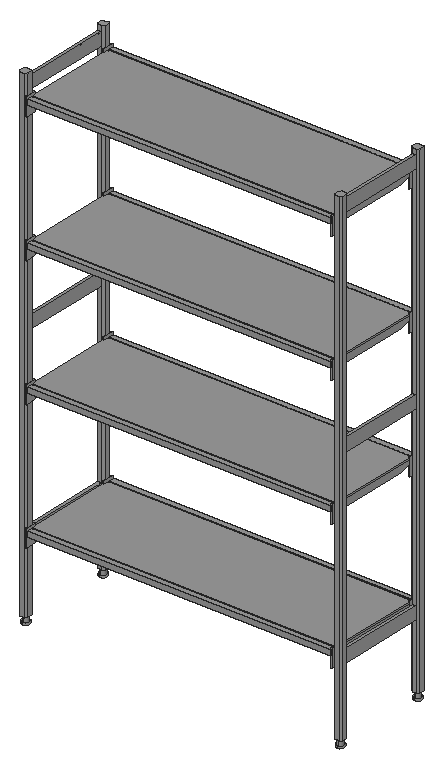
Revit family "QF_ELECTROLUXPROFESSIONAL_137014_ALS1126", category Attrezzature speciali, Revit 2020
Family settings
  Quota connettore circolare = Usa diametro
  Tipo di parte = Normale
  Basato su piano di lavoro = No
  Sempre verticale = Sì
  Taglio con vuoti quando caricato = No
  Condiviso = No
  Punto di calcolo locali = No
Parameters (values of type "Standard")
  Weight = 20.00 kg
  Watts = 0 W
  Volts = 0 V
  URL Manufacturer = "https://www.electroluxprofessional.com/"
  URL = "https://www.electroluxprofessional.com/"
  Steam Supply Size = 0 mm
  Steam Supply Minimum Pressure = 0.0 Pa
  Steam Supply Maximum Pressure = 0.0 Pa
  Steam Consumption per Hour = 0
  Refrigeration Suction Line Size = 0.0 mm
  Refrigeration Liquid Line Size = 0.0 mm
  Refrigerant Compressor Remote = yes
  Prospetto di default = 0.0 mm
  Phase = 0
  Modello = "ALS1126"
  Produttore = "Electrolux Professional"
  Length Actual = 1126.0 mm  # constant formula
  Item Number = "137014"
  Hot Water Size = 0 mm
  Height Actual = 1700.0 mm  # constant formula
  HP = "0 HP"
  Gas Size = 0 mm
  Gas KW = 0
  Gas Input Pressure = 0 W
  Direct Waste Size = 0 mm
  Descrizione = "ALUM.LINEAR SHELV.-POLY.TIERS-373X1126MM"
  Depth Actual = 373.0 mm  # constant formula
  Cycle = 0 Hz
  Condensate Return Size = 0 mm
  Compressed Air Volume = 0.0 L/s
  Compressed Air Size = 0 mm
  Compressed Air Pressure = 0.0 Pa
  Cold Water Size = 0 mm
  Accessory = yes
Reference planes
  plane 1: z = 0
  plane 2 "Center (Left/Right)": x = -31
  plane 3 "LEFT": x = -594
  plane 4 "RIGHT": x = 532
  plane 5 "BACK": y = 23
  plane 6 "FRONT": y = -350
  plane 7 "TOP": z = 1700
  plane 8: x = 527
  plane 9: x = -562
  plane 10: x = 500
  plane 11 "Center (Front/Back)": y = -163.5
  plane 12: x = 495
  plane 13: y = -8.5
  plane 14: y = -318.5
  plane 15 "FEET": z = 25
  plane 16: z = 275
  plane 17: z = 725
  plane 18: z = 1175
  plane 19: z = 1625
  plane 20 "CXLeft": x = -580
  plane 21 "CXRight": x = 518
  plane 22: y = 5.5
  plane 23 "CYBack": y = 5.5
  plane 24 "CYFront": y = -332.5
Forms (mm)
  Extrusion 1, solid, material "QF_Aluminum"
    sketch origin (-594, 0, 0) x (0, 1, 0) y (0, 0, 1)
      loop
        line (4, 1650.994) -> (4, 1632.998) -> (23, 1632.998) -> (23, 1650.994) -> (4, 1650.994)
      loop
        line (-331, 1650.994) -> (-350, 1650.994) -> (-350, 1632.998) -> (-331, 1632.998) -> (-331, 1650.994)
      loop
        line (4, 1200.994) -> (4, 1182.998) -> (23, 1182.998) -> (23, 1200.994) -> (4, 1200.994)
      loop
        line (-331, 1200.994) -> (-350, 1200.994) -> (-350, 1182.998) -> (-331, 1182.998) -> (-331, 1200.994)
      loop
        line (4, 750.994) -> (4, 732.998) -> (23, 732.998) -> (23, 750.994) -> (4, 750.994)
      loop
        line (-331, 750.994) -> (-350, 750.994) -> (-350, 732.998) -> (-331, 732.998) -> (-331, 750.994)
      loop
        line (4, 300.994) -> (4, 282.998) -> (23, 282.998) -> (23, 300.994) -> (4, 300.994)
      loop
        line (-331, 300.994) -> (-350, 300.994) -> (-350, 282.998) -> (-331, 282.998) -> (-331, 300.994)
    from 32 to 1094
  Extrusion 2, solid, material "QF_Polyethylene"
    sketch origin (-594, 0, 0) x (0, 1, 0) y (0, 0, 1)
      loop
        line (2.007, 1650.994) -> (-329, 1650.994) -> (-329, 1644.496) -> (2.007, 1644.496) -> (2.007, 1650.994)
      loop
        line (2.007, 1200.994) -> (-329, 1200.994) -> (-329, 1194.496) -> (2.007, 1194.496) -> (2.007, 1200.994)
      loop
        line (2.007, 750.994) -> (-329, 750.994) -> (-329, 744.496) -> (2.007, 744.496) -> (2.007, 750.994)
      loop
        line (2.007, 300.994) -> (-329, 300.994) -> (-329, 294.496) -> (2.007, 294.496) -> (2.007, 300.994)
    from 32 to 1094
  Extrusion 3, solid, material "QF_Aluminum"
    sketch origin (532, 0, 0) x (0, 1, 0) y (0, 0, 1)
      loop
        line (-12, 1632.998) -> (4, 1632.998) -> (4, 1650.994) -> (2.007, 1650.994) -> (2.007, 1644.496) -> (-329, 1644.496) -> (-329, 1650.994) -> (-331, 1650.994) -> (-331, 1632.998) -> (-315, 1632.998) -> (-281, 1620.994) -> (-46, 1620.994) -> (-12, 1632.998)
      loop
        line (-12, 1182.998) -> (4, 1182.998) -> (4, 1200.994) -> (2.007, 1200.994) -> (2.007, 1194.496) -> (-329, 1194.496) -> (-329, 1200.994) -> (-331, 1200.994) -> (-331, 1182.998) -> (-315, 1182.998) -> (-281, 1170.994) -> (-46, 1170.994) -> (-12, 1182.998)
      loop
        line (-12, 732.998) -> (4, 732.998) -> (4, 750.994) -> (2.007, 750.994) -> (2.007, 744.496) -> (-329, 744.496) -> (-329, 750.994) -> (-331, 750.994) -> (-331, 732.998) -> (-315, 732.998) -> (-281, 720.994) -> (-46, 720.994) -> (-12, 732.998)
      loop
        line (-12, 282.998) -> (4, 282.998) -> (4, 300.994) -> (2.007, 300.994) -> (2.007, 294.496) -> (-329, 294.496) -> (-329, 300.994) -> (-331, 300.994) -> (-331, 282.998) -> (-315, 282.998) -> (-281, 270.994) -> (-46, 270.994) -> (-12, 282.998)
    from -32 to -37
Lines and regions (mm)
  symbolic lines
    curve 1: line (500, 4, 1700) -> (-562, 4, 1700)
    curve 2: line (-566, 23, 1700) -> (504, 23, 1700)
    curve 3: line (504, 13.246, 1700) -> (510.254, 19.5, 1700)
    curve 4: line (510.254, -8.5, 1700) -> (504, -2.246, 1700)
    curve 5: line (510.254, -318.5, 1700) -> (504, -324.754, 1700)
    curve 6: line (-566, -350, 1700) -> (504, -350, 1700)
    curve 7: line (504, 23, 1700) -> (504, -12.993, 1700)
    curve 8: line (504, -12.993, 1700) -> (500, -12.993, 1700)
    curve 9: line (504, -350, 1700) -> (504, -314.007, 1700)
    curve 10: line (504, -314.007, 1700) -> (500, -314.007, 1700)
    curve 11: line (-562, -12.993, 1700) -> (-562, -314.007, 1700)
    curve 12: line (-562, -331, 1700) -> (500, -331, 1700)
    curve 13: line (500, -12.993, 1700) -> (500, -314.007, 1700)
Dimensions and locks
  locked: plane 3 "LEFT" to plane 4 "RIGHT" at 1126
  equal spacing: plane 3 "LEFT", plane 2 "Center (Left/Right)", plane 4 "RIGHT"
  locked: plane 7 "TOP" to level at 1700
  locked: plane 5 "BACK" to plane 6 "FRONT" at 373
  locked: plane 4 "RIGHT" to plane 8 at 5
  locked: plane 9 to plane 10 at 1062
  locked: plane 3 "LEFT" to plane 9 at 32
  plane 12 to plane 10 = 5.0 mm
  locked: plane 13 to plane 14 at 310
  equal spacing: plane 13, plane 11 "Center (Front/Back)", plane 14
  equal spacing: plane 5 "BACK", plane 11 "Center (Front/Back)", plane 6 "FRONT"
  plane 15 "FEET" to level = 25.0 mm
  plane 7 "TOP" to plane 15 "FEET" = 1675.0 mm
  plane 16 to plane 15 "FEET" = 250.0 mm
  plane 17 to plane 16 = 450.0 mm
  plane 18 to plane 17 = 450.0 mm
  plane 19 to plane 18 = 450.0 mm
  locked: plane 3 "LEFT" to plane 20 "CXLeft" at 14
  locked: plane 21 "CXRight" to plane 4 "RIGHT" at 14
  locked: plane 5 "BACK" to plane 23 "CYBack" at 17.5
  locked: plane 24 "CYFront" to plane 6 "FRONT" at 17.5
  aligned and locked: level to plane 1
  aligned and locked: plane 9 to Extrusion 2
  aligned and locked: Extrusion 2 to plane 10
  aligned and locked: plane 9 to Extrusion 1
  aligned and locked: Extrusion 1 to plane 10
  aligned and locked: Extrusion 1 sketch curve to Extrusion 1 sketch curve  (x2)
  aligned and locked: Extrusion 3 sketch curve to Extrusion 3 sketch curve  (x3)
  aligned and locked: Extrusion 3 to plane 12
  aligned and locked: Extrusion 3 to plane 10
  aligned and locked: plane 20 "CXLeft" to nested 1
  aligned and locked: plane 21 "CXRight" to nested 2
Automatic sketch dimensions
  Extrusion 1 sketch curve to plane 6 "FRONT" = 0.0 mm  (x4)
  Extrusion 1 sketch curve to plane 5 "BACK" = 0.0 mm  (x4)
  plane 24 "CYFront" to Extrusion 1 sketch curve = 1.5 mm  (x2)
  plane 22 to Extrusion 1 sketch curve = 1.5 mm  (x4)
  plane 16 to Extrusion 1 sketch curve = 7.998 mm  (x2)
  Extrusion 1 sketch curve to Extrusion 1 sketch curve = 17.997 mm  (x8)
  plane 17 to Extrusion 1 sketch curve = 7.998 mm  (x2)
  plane 18 to Extrusion 1 sketch curve = 7.998 mm  (x2)
  plane 19 to Extrusion 1 sketch curve = 7.998 mm  (x2)
  plane 24 "CYFront" to Extrusion 2 sketch curve = 3.5 mm  (x4)
  plane 22 to Extrusion 2 sketch curve = 3.493 mm  (x4)
  plane 16 to Extrusion 2 sketch curve = 19.496 mm
  Extrusion 2 sketch curve to Extrusion 2 sketch curve = 6.499 mm  (x4)
  plane 17 to Extrusion 2 sketch curve = 19.496 mm
  plane 18 to Extrusion 2 sketch curve = 19.496 mm
  plane 19 to Extrusion 2 sketch curve = 19.496 mm
  plane 24 "CYFront" to Extrusion 3 sketch curve = 1.5 mm  (x4)
  Extrusion 3 sketch curve to Extrusion 3 sketch curve = 2.0 mm
  plane 14 to Extrusion 3 sketch curve = 3.5 mm  (x4)
  Extrusion 3 sketch curve to plane 16 = 4.006 mm
  Extrusion 3 sketch curve to Extrusion 3 sketch curve = 34.0 mm  (x4)
  Extrusion 3 sketch curve to plane 17 = 4.006 mm
  Extrusion 3 sketch curve to plane 18 = 4.006 mm
  Extrusion 3 sketch curve to plane 19 = 4.006 mm
  Extrusion 3 sketch curve to plane 13 = 37.5 mm  (x4)
  Extrusion 3 sketch curve to plane 13 = 3.5 mm  (x4)
  plane 22 to Extrusion 3 sketch curve = 3.493 mm  (x4)
  plane 22 to Extrusion 3 sketch curve = 1.5 mm  (x4)
  plane 16 to Extrusion 3 sketch curve = 7.998 mm  (x2)
  Extrusion 3 sketch curve to Extrusion 3 sketch curve = 11.498 mm  (x4)
  Extrusion 3 sketch curve to Extrusion 3 sketch curve = 6.499 mm  (x8)
  plane 17 to Extrusion 3 sketch curve = 7.998 mm  (x2)
  plane 18 to Extrusion 3 sketch curve = 7.998 mm  (x2)
  plane 19 to Extrusion 3 sketch curve = 7.998 mm  (x2)
  curve 6 to plane 6 "FRONT" = 0.0 mm
  curve 12 to plane 9 = 0.0 mm
  curve 12 to plane 10 = 0.0 mm
  curve 5 to plane 14 = 0.0 mm
  curve 11 to plane 9 = 0.0 mm
  curve 8 to plane 10 = 0.0 mm
  curve 4 to plane 13 = 0.0 mm
  curve 1 to plane 9 = 0.0 mm
  curve 1 to plane 10 = 0.0 mm
  curve 2 to plane 5 "BACK" = 0.0 mm
  plane 14 to curve 10 = 4.493 mm
  curve 7 to plane 13 = 4.493 mm
  curve 10 to plane 10 = 4.0 mm
  curve 7 to plane 10 = 4.0 mm
  plane 24 "CYFront" to curve 12 = 1.5 mm
  curve 5 to plane 14 = 6.254 mm
  plane 14 to curve 11 = 4.493 mm
  curve 11 to plane 13 = 4.493 mm
  plane 13 to curve 4 = 6.254 mm
  plane 22 to curve 1 = 1.5 mm
  curve 3 to plane 22 = 7.746 mm
  curve 3 to plane 5 "BACK" = 3.5 mm
  curve 5 to curve 9 = 6.254 mm
  curve 3 to curve 2 = 6.254 mm
  curve 4 to curve 7 = 6.254 mm
  plane 9 to curve 2 = 4.0 mm
  plane 9 to curve 6 = 4.0 mm
Nested families
  nested 1: "WT_Anta373" at (-177, 0, 0), type "WT_Anta373"
  nested 2: "WT_Anta373" at (115, 0, 0) x (-1, 0, 0) z (0, 0, 1), type "WT_Anta373"
Definition of nested family "WT_Anta373"
  Parameters
    WidthLeft = A + 64.0 mm  # 772.0 mm
    Width = 1606.0 mm
    Right = WidthLeft / 2  # 386.0 mm
    Default Elevation = 0.0 mm
    Left = -WidthLeft / 2  # -386.0 mm
    Height = 1725.0 mm
    FEET = 25.0 mm
    E = 0.0 mm
    Dint = Depth - 63.0 mm  # 310.0 mm
    Dext = Depth - 8.0 mm  # 365.0 mm
    Depth = 373.0 mm
    DX = (WidthLeft - A) / 2  # 32.0 mm
    B = 798.0 mm
    A = 708.0 mm
  Reference planes
    plane 1: z = 0
    plane 2 "LEFT": x = -417
    plane 3 "BACK": y = 23
    plane 4 "FRONT": y = -350
    plane 5 "TOP": z = 1725
    plane 6 "Center (Front/Back)": y = -163.5
    plane 7: y = -8.5
    plane 8: y = -318.5
    plane 9 "FEET": z = 25
    plane 10: z = 275
    plane 11: z = 725
    plane 12: z = 1175
    plane 13: z = 1625
    plane 14 "CXLeft": x = -403
    plane 15: y = 5.5
    plane 16 "CYBack": y = 5.5
    plane 17 "CYFront": y = -332.5
    plane 18: x = -385.031
    plane 19: x = -380.031
  Forms (mm)
    Extrusion 1, solid
      sketch origin (0, 0, 0) x (1, 0, 0) y (0, 1, 0)
        loop
          line (-417, 13.246) -> (-417, -2.246) -> (-410.746, -8.5) -> (-395.254, -8.5) -> (-389, -2.246) -> (-389, 13.246) -> (-395.254, 19.5) -> (-410.746, 19.5) -> (-417, 13.246)
      from 1725 to 25
    Extrusion 2, solid
      sketch origin (-417, 0, 0) x (0, 1, 0) y (0, 0, 1)
        loop
          line (23, 246.005) -> (23, 307.993) -> (-12.993, 307.993) -> (-12.993, 246.005) -> (23, 246.005)
        loop
          line (-350, 246.005) -> (-314.007, 246.005) -> (-314.007, 307.993) -> (-350, 307.993) -> (-350, 246.005)
        loop
          line (23, 696.005) -> (23, 757.993) -> (-12.993, 757.993) -> (-12.993, 696.005) -> (23, 696.005)
        loop
          line (-350, 696.005) -> (-314.007, 696.005) -> (-314.007, 757.993) -> (-350, 757.993) -> (-350, 696.005)
        loop
          line (23, 1146.005) -> (23, 1207.993) -> (-12.993, 1207.993) -> (-12.993, 1146.005) -> (23, 1146.005)
        loop
          line (-350, 1146.005) -> (-314.007, 1146.005) -> (-314.007, 1207.993) -> (-350, 1207.993) -> (-350, 1146.005)
        loop
          line (23, 1596.005) -> (23, 1657.993) -> (-12.993, 1657.993) -> (-12.993, 1596.005) -> (23, 1596.005)
        loop
          line (-350, 1596.005) -> (-314.007, 1596.005) -> (-314.007, 1657.993) -> (-350, 1657.993) -> (-350, 1596.005)
      from 28 to 32
    Revolve 3, solid
      sketch origin (-403, 0, 0) x (0, 1, 0) y (0, 0, 1)
        loop
          line (5.5, 25) -> (5.5, 0) -> (19, 0) -> (19, 5) -> (14, 5) -> (14, 25) -> (5.5, 25)
        axis (5.5, 25) -> (5.5, 0)
      angle from 0 to 360
    Extrusion 4, solid
      sketch origin (-403, 0, 0) x (0, 1, 0) y (0, 0, 1)
        loop
          line (-8.5, 912.382) -> (-8.5, 957.374) -> (-318.5, 957.374) -> (-318.5, 912.382) -> (-8.5, 912.382)
        loop
          line (-8.5, 1662.244) -> (-8.5, 1707.236) -> (-318.5, 1707.236) -> (-318.5, 1662.244) -> (-8.5, 1662.244)
      from -5 to 5
    Revolve 5, solid
      sketch origin (-403, -627, 0) x (0, -1, 0) y (0, 0, 1)
        loop
          line (-294.5, 25) -> (-294.5, 0) -> (-281, 0) -> (-281, 5) -> (-286, 5) -> (-286, 25) -> (-294.5, 25)
        axis (-294.5, 25) -> (-294.5, 0)
      angle from 0 to 360
    Extrusion 6, solid
      sketch origin (0, -627, 0) x (1, 0, 0) y (0, 1, 0)
        loop
          line (-417, 286.754) -> (-410.746, 280.5) -> (-395.254, 280.5) -> (-389, 286.754) -> (-389, 302.246) -> (-395.254, 308.5) -> (-410.746, 308.5) -> (-417, 302.246) -> (-417, 286.754)
      from 1725 to 25
    Extrusion 7, solid
      sketch origin (-417.031, -0.022, 0) x (0, 1, 0) y (0, 0, -1)
        loop
          line (-12, -1632.998) -> (-46, -1620.994) -> (-281, -1620.994) -> (-315, -1632.998) -> (-331, -1632.998) -> (-331, -1650.994) -> (-329, -1650.994) -> (-329, -1644.496) -> (2.007, -1644.496) -> (2.007, -1650.994) -> (4, -1650.994) -> (4, -1632.998) -> (-12, -1632.998)
        loop
          line (-12, -1182.998) -> (-46, -1170.994) -> (-281, -1170.994) -> (-315, -1182.998) -> (-331, -1182.998) -> (-331, -1200.994) -> (-329, -1200.994) -> (-329, -1194.496) -> (2.007, -1194.496) -> (2.007, -1200.994) -> (4, -1200.994) -> (4, -1182.998) -> (-12, -1182.998)
        loop
          line (-12, -732.998) -> (-46, -720.994) -> (-281, -720.994) -> (-315, -732.998) -> (-331, -732.998) -> (-331, -750.994) -> (-329, -750.994) -> (-329, -744.496) -> (2.007, -744.496) -> (2.007, -750.994) -> (4, -750.994) -> (4, -732.998) -> (-12, -732.998)
        loop
          line (-12, -282.998) -> (-46, -270.994) -> (-281, -270.994) -> (-315, -282.998) -> (-331, -282.998) -> (-331, -300.994) -> (-329, -300.994) -> (-329, -294.496) -> (2.007, -294.496) -> (2.007, -300.994) -> (4, -300.994) -> (4, -282.998) -> (-12, -282.998)
      from -32 to -37
    Extrusion 8, solid
      sketch origin (-403, 0, -659.878) x (0, 1, 0) y (0, 0, 1)
        loop
          line (-8.5, 912.382) -> (-8.5, 957.374) -> (-318.5, 957.374) -> (-318.5, 912.382) -> (-8.5, 912.382)
        loop
          line (-8.5, 1572.382) -> (-8.5, 1617.374) -> (-318.5, 1617.374) -> (-318.5, 1572.382) -> (-8.5, 1572.382)
        loop
          line (-8.5, 2322.382) -> (-8.5, 2367.374) -> (-318.5, 2367.374) -> (-318.5, 2322.382) -> (-8.5, 2322.382)
      from -5 to 5
  Lines and regions (mm)
    symbolic lines
      curve 1: line (-408, -8.5, 1725) -> (-408, -318.5, 1725)
      curve 2: line (-398, -318.5, 1725) -> (-398, -8.5, 1725)
      curve 3: line (-395.254, -8.5, 1725) -> (-410.746, -8.5, 1725)
      curve 4: line (-417, -2.246, 1725) -> (-410.746, -8.5, 1725)
      curve 5: line (-417, 13.246, 1725) -> (-417, -2.246, 1725)
      curve 6: line (-410.746, 19.5, 1725) -> (-417, 13.246, 1725)
      curve 7: line (-395.254, 19.5, 1725) -> (-410.746, 19.5, 1725)
      curve 8: line (-389, 13.246, 1725) -> (-395.254, 19.5, 1725)
      curve 9: line (-395.254, -8.5, 1725) -> (-389, -2.246, 1725)
      curve 10: line (-395.254, -318.5, 1725) -> (-410.746, -318.5, 1725)
      curve 11: line (-417, -324.754, 1725) -> (-410.746, -318.5, 1725)
      curve 12: line (-410.746, -346.5, 1725) -> (-417, -340.246, 1725)
      curve 13: line (-395.254, -346.5, 1725) -> (-410.746, -346.5, 1725)
      curve 14: line (-389, -340.246, 1725) -> (-395.254, -346.5, 1725)
      curve 15: line (-395.254, -318.5, 1725) -> (-389, -324.754, 1725)
      curve 16: line (-389, -350, 1725) -> (-389, -314.007, 1725)
      curve 17: line (-389, -314.007, 1725) -> (-385, -314.007, 1725)
      curve 18: line (-389, 23, 1725) -> (-389, -12.993, 1725)
      curve 19: line (-389, -12.993, 1725) -> (-385, -12.993, 1725)
      curve 20: line (-417, -324.754, 1725) -> (-417, -340.246, 1725)
      curve 21: line (-385, -350, 1725) -> (-385, -314.007, 1725)
      curve 22: line (-385, -350, 1725) -> (-389, -350, 1725)
      curve 23: line (-385, 23, 1725) -> (-389, 23, 1725)
      curve 24: line (-385, -12.993, 1725) -> (-385, 23, 1725)
      curve 25: line (-385.031, -13.016, 1725) -> (-385.031, -314.029, 1725)
  Dimensions and locks
    "Height": plane 5 "TOP" to level
    "Depth": plane 3 "BACK" to plane 4 "FRONT"
    "Dint": plane 7 to plane 8
    equal spacing: plane 7, plane 6 "Center (Front/Back)", plane 8
    equal spacing: plane 3 "BACK", plane 6 "Center (Front/Back)", plane 4 "FRONT"
    plane 9 "FEET" to level = 25.0 mm
    plane 5 "TOP" to plane 9 "FEET" = 1700.0 mm
    plane 10 to plane 9 "FEET" = 250.0 mm
    plane 11 to plane 10 = 450.0 mm
    plane 12 to plane 11 = 450.0 mm
    plane 13 to plane 12 = 450.0 mm
    locked: plane 2 "LEFT" to plane 14 "CXLeft" at 14
    locked: plane 3 "BACK" to plane 16 "CYBack" at 17.5
    locked: plane 17 "CYFront" to plane 4 "FRONT" at 17.5
    locked: Revolve 3 sketch curve to Revolve 3 sketch curve at 8.5
    locked: Revolve 3 sketch curve to plane 16 "CYBack" at 13.5
    locked: Revolve 5 sketch curve to Revolve 5 sketch curve at 8.5
    aligned and locked: level to plane 1
    aligned and locked: curve 20 to Extrusion 6
    aligned and locked: plane 5 "TOP" to Extrusion 1
    aligned and locked: plane 5 "TOP" to Extrusion 6
    aligned and locked: Extrusion 7 sketch curve to Extrusion 7 sketch curve  (x3)
  Automatic sketch dimensions
    curve 16 to plane 4 "FRONT" = 0.0 mm
    curve 11 to plane 8 = 0.0 mm
    curve 9 to plane 7 = 0.0 mm
    curve 5 to plane 2 "LEFT" = 0.0 mm
    curve 23 to plane 3 "BACK" = 0.0 mm
    plane 4 "FRONT" to curve 13 = 3.5 mm
    curve 20 to plane 17 "CYFront" = 7.746 mm
    curve 20 to plane 8 = 6.254 mm
    plane 8 to curve 16 = 4.493 mm
    curve 24 to plane 18 = 0.031 mm
    curve 24 to plane 7 = 4.493 mm
    plane 7 to curve 5 = 6.254 mm
    curve 5 to plane 15 = 7.746 mm
    curve 6 to plane 3 "BACK" = 3.5 mm
    curve 21 to plane 18 = 0.031 mm
    plane 18 to curve 23 = 3.969 mm
    plane 18 to curve 16 = 3.969 mm
    curve 18 to curve 8 = 6.254 mm
    curve 18 to curve 3 = 6.254 mm
    curve 16 to curve 13 = 6.254 mm
    curve 16 to curve 15 = 6.254 mm
    plane 2 "LEFT" to curve 10 = 6.254 mm
    plane 2 "LEFT" to curve 7 = 6.254 mm
    plane 2 "LEFT" to curve 12 = 6.254 mm
    plane 2 "LEFT" to curve 3 = 6.254 mm
    curve 14 to plane 17 "CYFront" = 7.746 mm
    curve 15 to plane 8 = 6.254 mm
    plane 7 to curve 9 = 6.254 mm
    curve 8 to plane 15 = 7.746 mm
    curve 3 to curve 2 = 2.746 mm
    curve 1 to curve 10 = 2.746 mm
    Extrusion 1 sketch curve to plane 2 "LEFT" = 0.0 mm
    Extrusion 1 sketch curve to plane 7 = 0.0 mm
    plane 2 "LEFT" to Extrusion 1 sketch curve = 6.254 mm  (x2)
    plane 14 "CXLeft" to Extrusion 1 sketch curve = 7.746 mm  (x2)
    Extrusion 1 sketch curve to plane 3 "BACK" = 3.5 mm
    plane 18 to Extrusion 1 sketch curve = 3.969 mm
    plane 7 to Extrusion 1 sketch curve = 6.254 mm  (x2)
    Extrusion 1 sketch curve to plane 15 = 7.746 mm  (x2)
    Extrusion 2 sketch curve to plane 4 "FRONT" = 0.0 mm  (x4)
    Extrusion 2 sketch curve to plane 3 "BACK" = 0.0 mm  (x4)
    plane 8 to Extrusion 2 sketch curve = 4.493 mm  (x4)
    Extrusion 2 sketch curve to plane 7 = 4.493 mm  (x4)
    Extrusion 2 sketch curve to plane 10 = 28.995 mm  (x2)
    plane 10 to Extrusion 2 sketch curve = 32.993 mm  (x2)
    Extrusion 2 sketch curve to plane 11 = 28.995 mm  (x2)
    plane 11 to Extrusion 2 sketch curve = 32.993 mm  (x2)
    Extrusion 2 sketch curve to plane 12 = 28.995 mm  (x2)
    plane 12 to Extrusion 2 sketch curve = 32.993 mm  (x2)
    Extrusion 2 sketch curve to plane 13 = 28.995 mm  (x2)
    plane 13 to Extrusion 2 sketch curve = 32.993 mm  (x2)
    Revolve 3 sketch curve to plane 9 "FEET" = 0.0 mm  (x2)
    Revolve 3 sketch curve to plane 15 = 0.0 mm  (x2)
    Revolve 3 sketch curve to level = 0.0 mm
    level to Revolve 3 sketch curve = 5.0 mm
    Revolve 3 sketch curve to Revolve 3 sketch curve = 11.655 mm
    Extrusion 4 sketch curve to plane 8 = 0.0 mm  (x2)
    Extrusion 4 sketch curve to plane 7 = 0.0 mm  (x2)
    plane 11 to Extrusion 4 sketch curve = 187.382 mm
    Extrusion 4 sketch curve to Extrusion 4 sketch curve = 44.992 mm
    plane 13 to Extrusion 4 sketch curve = 37.244 mm
    Extrusion 4 sketch curve to plane 5 "TOP" = 17.764 mm
    Revolve 5 sketch curve to plane 9 "FEET" = 0.0 mm  (x2)
    Revolve 5 sketch curve to plane 17 "CYFront" = 0.0 mm  (x2)
    Revolve 5 sketch curve to level = 0.0 mm
    Revolve 5 sketch curve to plane 4 "FRONT" = 4.0 mm
    Revolve 5 sketch curve to Revolve 5 sketch curve = 5.0 mm
    level to Revolve 5 sketch curve = 11.655 mm
    Extrusion 6 sketch curve to plane 2 "LEFT" = 0.0 mm
    Extrusion 6 sketch curve to plane 8 = 0.0 mm
    Extrusion 6 sketch curve to plane 2 "LEFT" = 6.254 mm  (x2)
    Extrusion 6 sketch curve to plane 14 "CXLeft" = 7.746 mm  (x2)
    Extrusion 6 sketch curve to plane 4 "FRONT" = 3.5 mm
    Extrusion 6 sketch curve to plane 18 = 3.969 mm
    plane 8 to Extrusion 6 sketch curve = 6.254 mm  (x2)
    plane 17 "CYFront" to Extrusion 6 sketch curve = 7.746 mm  (x2)
    plane 17 "CYFront" to Extrusion 7 sketch curve = 1.478 mm  (x4)
    Extrusion 7 sketch curve to Extrusion 7 sketch curve = 2.0 mm
    plane 8 to Extrusion 7 sketch curve = 3.478 mm  (x4)
    Extrusion 7 sketch curve to plane 10 = 4.006 mm
    Extrusion 7 sketch curve to Extrusion 7 sketch curve = 34.0 mm  (x4)
    Extrusion 7 sketch curve to plane 11 = 4.006 mm
    Extrusion 7 sketch curve to plane 12 = 4.006 mm
    Extrusion 7 sketch curve to plane 13 = 4.006 mm
    Extrusion 7 sketch curve to plane 7 = 37.522 mm  (x4)
    Extrusion 7 sketch curve to plane 7 = 3.522 mm  (x4)
    plane 15 to Extrusion 7 sketch curve = 3.516 mm  (x4)
    plane 15 to Extrusion 7 sketch curve = 1.522 mm  (x4)
    plane 13 to Extrusion 7 sketch curve = 7.998 mm  (x2)
    Extrusion 7 sketch curve to Extrusion 7 sketch curve = 11.498 mm
    Extrusion 7 sketch curve to Extrusion 7 sketch curve = 6.499 mm  (x5)
    plane 12 to Extrusion 7 sketch curve = 25.994 mm  (x2)
    plane 12 to Extrusion 7 sketch curve = 7.998 mm  (x2)
    plane 11 to Extrusion 7 sketch curve = 25.994 mm  (x2)
    plane 11 to Extrusion 7 sketch curve = 7.998 mm  (x2)
    plane 10 to Extrusion 7 sketch curve = 25.994 mm  (x2)
    plane 10 to Extrusion 7 sketch curve = 7.998 mm  (x2)
    curve 25 to plane 18 = 0.0 mm
    plane 8 to curve 25 = 4.471 mm
    curve 25 to plane 7 = 4.516 mm
    Extrusion 8 sketch curve to plane 8 = 0.0 mm  (x3)
    Extrusion 8 sketch curve to plane 7 = 0.0 mm  (x3)
    Extrusion 8 sketch curve to plane 10 = 22.496 mm
    plane 10 to Extrusion 8 sketch curve = 22.496 mm
    plane 11 to Extrusion 8 sketch curve = 187.504 mm
    Extrusion 8 sketch curve to Extrusion 8 sketch curve = 44.992 mm
    plane 13 to Extrusion 8 sketch curve = 37.504 mm
    Extrusion 8 sketch curve to plane 5 "TOP" = 17.504 mm
